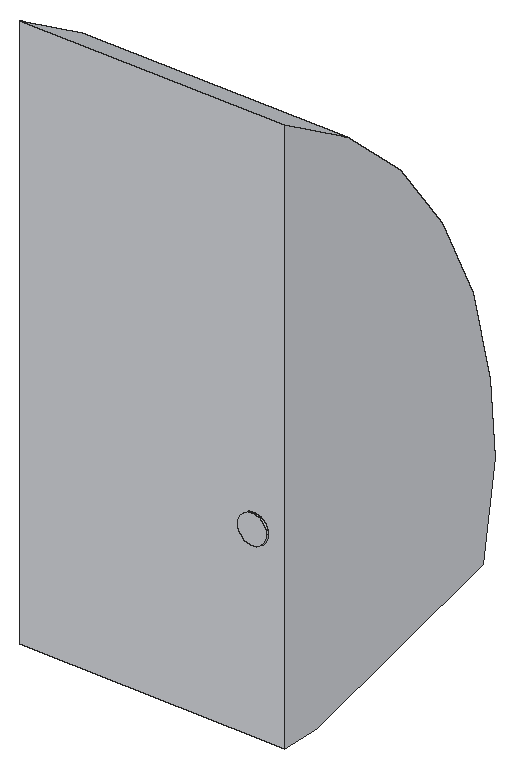
Revit family "DAN DRYER Stainless Design Mini Design 288 MEP", category Furniture Systems, host Wall, Revit 2018
Family settings
  Host = Wall
  Round Connector Dimension = Use Diameter
  Part Type = Normal
  Always vertical = Yes
  Cut with Voids When Loaded = No
  Shared = No
  Room Calculation Point = No
Parameters (values of type "Stål")
  Wicth = 200 mm
  URL = "http://www.dandryer.com/Files/Billeder/PDF/Datablade/Nye/Technical%20data%20sheet%20288.pdf"
  Type Image = <None>
  Offset from Floor = 1500 mm
  Model = "Stainless design"
  Manufacturer = "http://www.dandryer.com/"
  Height = 420 mm
  Description = "WARM_AIR HAND DRYER with IR sensor, type TURBO DESIGN, Art. no. 288"
  Cost = 0
Reference planes
  plane 1 "Wall": y = 0
  plane 2 "Center (Left/Right)": x = 125
  plane 3 "Back": y = 75
  plane 4 "Top": z = 1500
  plane 5 "Bund": z = 1080
  plane 6: x = 225
  plane 7: x = 25
Forms (mm)
  Extrusion 1, solid
    sketch origin (125, 0, 0) x (0, 1, 0) y (0, 0, 1)
      loop
        line (75, 1080) -> (105, 1080) -> (261.536, 1121.944) -> (272.262, 1189.663) -> (267.413, 1245.077)
        arc (267.413, 1245.077) -> (204.097, 1397.947) -> (75, 1501.446) r 332.875
        line (75, 1501.446) -> (75, 1080)
    from -100 to 100
  Extrusion 2, void
    sketch origin (125, 105, 1080) x (0, -0.965926, -0.258819) y (1, 0, 0)
      loop
        line (-143.266, 17.086) -> (-143.266, -17.086) -> (-134.723, -17.086) -> (-134.723, 17.086) -> (-143.266, 17.086)
      loop
        line (-25.003, 86.348) -> (-25.003, 79.565) -> (-6.91, 79.565) -> (-6.91, 86.348) -> (-25.003, 86.348)
      loop
        line (-25.003, 3.391) -> (-25.003, -3.391) -> (-6.91, -3.391) -> (-6.91, 3.391) -> (-25.003, 3.391)
      loop
        line (-25.003, 18.391) -> (-25.003, 11.609) -> (-6.91, 11.609) -> (-6.91, 18.391) -> (-25.003, 18.391)
      loop
        line (-25.003, 33.391) -> (-25.003, 26.609) -> (-6.91, 26.609) -> (-6.91, 33.391) -> (-25.003, 33.391)
      loop
        line (-25.003, 48.391) -> (-25.003, 41.609) -> (-6.91, 41.609) -> (-6.91, 48.391) -> (-25.003, 48.391)
      loop
        line (-25.003, -86.348) -> (-6.91, -86.348) -> (-6.91, -79.565) -> (-25.003, -79.565) -> (-25.003, -86.348)
      loop
        line (-25.003, -18.391) -> (-6.91, -18.391) -> (-6.91, -11.609) -> (-25.003, -11.609) -> (-25.003, -18.391)
      loop
        line (-25.003, -33.391) -> (-6.91, -33.391) -> (-6.91, -26.609) -> (-25.003, -26.609) -> (-25.003, -33.391)
      loop
        line (-25.003, -48.391) -> (-6.91, -48.391) -> (-6.91, -41.609) -> (-25.003, -41.609) -> (-25.003, -48.391)
    from 0 to 5
  Extrusion 3, solid
    sketch origin (161.182, 0, -118.123) x (1, 0, 0) y (0, 0, 1)
      loop
        circle (40.008, 1338.234) r 11
    from -80.771 to -73.711
Cuts and joins
  Extrusion 2 cuts Extrusion 1
  joined: Extrusion 1, Extrusion 3
Text (mm)
  text "Placement Side" at (-1848.837, 1116.779, 0), in view "Ref. Level"
  text "Placement side" at (0, 1409.804, 2854.306), in view "Left"
  text "Placement side" at (0, 499.811, 2980.732), in view "Right"
Dimensions and locks
  locked: plane 3 "Back" to host wall
  "Height": plane 5 "Bund" to plane 4 "Top"
  equal spacing: plane 7, plane 2 "Center (Left/Right)", plane 6
  "Wicth": plane 7 to plane 6
  "Offset from Floor": level to plane 4 "Top"
  aligned and locked: plane 1 "Wall" to host wall
  aligned and locked: Extrusion 1 sketch curve to host wall
  aligned and locked: plane 7 to Extrusion 1
  aligned and locked: Extrusion 1 to plane 6
Automatic sketch dimensions
  Extrusion 1 sketch curve to plane 5 "Bund" = 0 mm
  plane 4 "Top" to Extrusion 1 sketch curve = 1.446 mm
  Extrusion 1 sketch curve to host wall = 12.866 mm
  Extrusion 1 sketch curve to Extrusion 1 sketch curve = 30 mm
  plane 5 "Bund" to Extrusion 1 sketch curve = 41.944 mm
  Extrusion 1 sketch curve to Extrusion 1 sketch curve = 156.536 mm
  Extrusion 1 sketch curve to Extrusion 1 sketch curve = 5.878 mm
  Extrusion 1 sketch curve to Extrusion 1 sketch curve = 4.848 mm
  Extrusion 1 sketch curve to Extrusion 1 sketch curve = 67.719 mm
  Extrusion 1 sketch curve to Extrusion 1 sketch curve = 118.132 mm
  Extrusion 1 to Extrusion 2 sketch curve = 18.792 mm
  Extrusion 2 sketch curve to Extrusion 2 sketch curve = 8.543 mm
  Extrusion 1 to Extrusion 2 sketch curve = 25.003 mm  (x4)
  Extrusion 2 sketch curve to Extrusion 2 sketch curve = 0 mm  (x5)
  Extrusion 1 to Extrusion 2 sketch curve = 6.91 mm  (x9)
  Extrusion 2 sketch curve to Extrusion 1 = 13.652 mm
  Extrusion 2 sketch curve to Extrusion 2 sketch curve = 6.783 mm  (x9)
  Extrusion 2 sketch curve to Extrusion 2 sketch curve = 31.174 mm
  Extrusion 2 sketch curve to Extrusion 2 sketch curve = 8.217 mm  (x6)
  Extrusion 2 sketch curve to Extrusion 1 = 82.914 mm
  Extrusion 2 sketch curve to Extrusion 2 sketch curve = 34.173 mm
  Extrusion 2 sketch curve to Extrusion 1 = 20.435 mm
  Extrusion 3 sketch curve to plane 7 = 176.19 mm
  Extrusion 3 sketch curve to plane 4 "Top" = 279.889 mm
  radius of Extrusion 3 sketch curve = 11 mm
Connectors
  electrical at (201.19, 73.711, 1220.111)
    settings: on cut or joined group of Extrusion 1, Extrusion 2, Extrusion 3, index 1, voltage 230 V, apparent load 0 VA, apparent load phase1 0 VA, apparent load phase2 0 VA, apparent load phase3 0 VA, power factor 1, load classification "Motor", number of poles 1, system type 30, power factor state 0, is connector primary yes, connector utility no, sub classification motor no, connector description "WARM_AIR HAND DRYER with IR sensor, type TURBO DESIGN, Art. no. 288"
